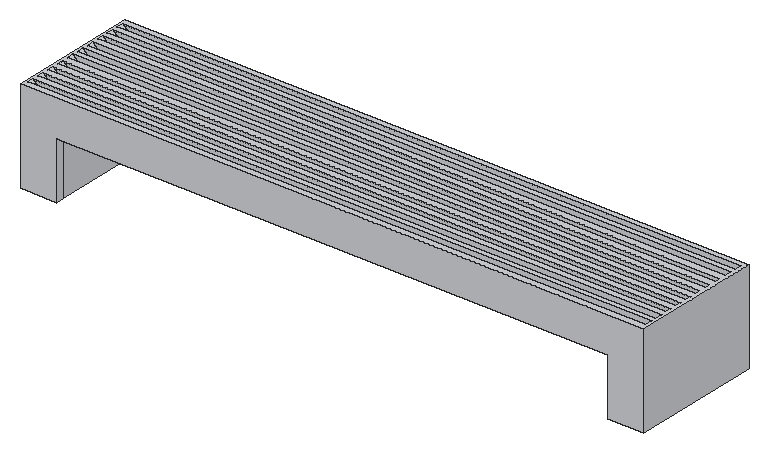
Revit family "SP11", category Mechanical Equipment, Revit 2017
Family settings
  Round Connector Dimension = Use Diameter
  Part Type = Normal
  OmniClass Number = 23.75.00.00
  OmniClass Title = Climate Control (HVAC)
  Work Plane-Based = No
  Always vertical = Yes
  Cut with Voids When Loaded = No
  Shared = No
  Room Calculation Point = No
Parameters
  Width = 251 mm
  Length = 1200 mm
  Leg height = 180 mm
  Height = 180 mm
Reference planes
  plane 1 "Center (Front/Back)": y = 0
  plane 2: z = 0
  plane 3 "Center (Left/Right)": x = 0
  plane 4: x = 0
  plane 5: x = -600
  plane 6: x = 600
  plane 7: x = -595
  plane 8: x = -580
  plane 9: x = 595
  plane 10: x = 580
  plane 11: x = 597
  plane 12: x = -597
  plane 13: z = 180
  plane 14: z = 165
  plane 15: z = 125
  plane 16: z = 110
  plane 17: y = -3
  plane 18: y = -251
  plane 19: y = -248
  plane 20: y = -233
  plane 21: y = -18
  plane 22: x = -530
  plane 23: x = 530
  plane 24: x = -533
  plane 25: x = 533
  plane 26 "Center": y = -125.5
Forms (mm)
  Extrusion 1, solid
    sketch origin (0, 0, 0) x (1, 0, 0) y (0, 0, 1)
      loop
        line (-600, 180) -> (-600, 110) -> (-595, 110) -> (-580, 125) -> (-580, 165) -> (-595, 180) -> (-600, 180)
      loop
        line (600, 180) -> (595, 180) -> (580, 165) -> (580, 125) -> (595, 110) -> (600, 110) -> (600, 180)
    from 0 to 251
  Extrusion 2, solid
    sketch origin (0, 0, 0) x (1, 0, 0) y (0, 1, 0)
      loop
        line (530, -18) -> (533, -18) -> (533, -3) -> (597, -3) -> (597, -248) -> (533, -248) -> (533, -233) -> (530, -233) -> (530, -251) -> (600, -251) -> (600, 0) -> (530, 0) -> (530, -18)
      loop
        line (-530, -18) -> (-530, 0) -> (-600, 0) -> (-600, -251) -> (-530, -251) -> (-530, -233) -> (-533, -233) -> (-533, -248) -> (-597, -248) -> (-597, -3) -> (-533, -3) -> (-533, -18) -> (-530, -18)
    from 0 to 110
  Extrusion 3, solid
    sketch origin (0, 0, 0) x (1, 0, 0) y (0, 1, 0)
      loop
        line (-595, 0) -> (-595, -11) -> (595, -11) -> (595, 0) -> (-595, 0)
    from 110 to 180
  Extrusion 4, solid
    sketch origin (0, -24, 0) x (1, 0, 0) y (0, 1, 0)
      loop
        line (-595, 0) -> (-595, -11) -> (595, -11) -> (595, 0) -> (-595, 0)
    from 110 to 180
  Extrusion 5, solid
    sketch origin (0, -48, 0) x (1, 0, 0) y (0, 1, 0)
      loop
        line (-595, 0) -> (-595, -11) -> (595, -11) -> (595, 0) -> (-595, 0)
    from 110 to 180
  Extrusion 6, solid
    sketch origin (0, -72, 0) x (1, 0, 0) y (0, 1, 0)
      loop
        line (-595, 0) -> (-595, -11) -> (595, -11) -> (595, 0) -> (-595, 0)
    from 110 to 180
  Extrusion 7, solid
    sketch origin (0, -96, 0) x (1, 0, 0) y (0, 1, 0)
      loop
        line (-595, 0) -> (-595, -11) -> (595, -11) -> (595, 0) -> (-595, 0)
    from 110 to 180
  Extrusion 8, solid
    sketch origin (0, -120, 0) x (1, 0, 0) y (0, 1, 0)
      loop
        line (-595, 0) -> (-595, -11) -> (595, -11) -> (595, 0) -> (-595, 0)
    from 110 to 180
  Extrusion 9, solid
    sketch origin (0, -144, 0) x (1, 0, 0) y (0, 1, 0)
      loop
        line (-595, 0) -> (-595, -11) -> (595, -11) -> (595, 0) -> (-595, 0)
    from 110 to 180
  Extrusion 10, solid
    sketch origin (0, -168, 0) x (1, 0, 0) y (0, 1, 0)
      loop
        line (-595, 0) -> (-595, -11) -> (595, -11) -> (595, 0) -> (-595, 0)
    from 110 to 180
  Extrusion 11, solid
    sketch origin (0, -192, 0) x (1, 0, 0) y (0, 1, 0)
      loop
        line (-595, 0) -> (-595, -11) -> (595, -11) -> (595, 0) -> (-595, 0)
    from 110 to 180
  Extrusion 12, solid
    sketch origin (0, -216, 0) x (1, 0, 0) y (0, 1, 0)
      loop
        line (-595, 0) -> (-595, -11) -> (595, -11) -> (595, 0) -> (-595, 0)
    from 110 to 180
  Extrusion 13, solid
    sketch origin (0, -240, 0) x (1, 0, 0) y (0, 1, 0)
      loop
        line (-595, 0) -> (-595, -11) -> (595, -11) -> (595, 0) -> (-595, 0)
    from 110 to 180
  Extrusion 14, solid
    sketch origin (0, 0, 0) x (1, 0, 0) y (0, 1, 0)
      loop
        circle (-553, -53.5) r 10.5
      loop
        circle (-553, -197.5) r 10.5
      loop
        circle (553, -53.5) r 10.5
      loop
        circle (553, -197.5) r 10.5
    from 95 to 110
  Extrusion 15, solid
    sketch origin (0, 0, 0) x (1, 0, 0) y (0, 1, 0)
      loop
        line (-533, -18) -> (-533, -233) -> (-530, -233) -> (-530, -18) -> (-533, -18)
      loop
        line (533, -18) -> (530, -18) -> (530, -233) -> (533, -233) -> (533, -18)
    from 0 to 110
Cuts and joins
  joined: Extrusion 1, Extrusion 2, Extrusion 3, Extrusion 4, Extrusion 5, Extrusion 6, Extrusion 7, Extrusion 8, Extrusion 9, Extrusion 10, Extrusion 11, Extrusion 12, Extrusion 13
Dimensions and locks
  equal spacing: plane 5, plane 4, plane 6
  "Length": plane 5 to plane 6
  locked: plane 7 to plane 8 at 15
  locked: plane 5 to plane 7 at 5
  locked: plane 9 to plane 10 at 15
  locked: plane 6 to plane 9 at 5
  locked: plane 11 to plane 6 at 3
  locked: plane 5 to plane 12 at 3
  "Height": plane 13 to level
  locked: plane 13 to plane 14 at 15
  locked: plane 13 to plane 16 at 70
  locked: plane 15 to plane 16 at 15
  "Width": plane 18 to plane 1 "Center (Front/Back)"
  locked: plane 23 to plane 6 at 70
  locked: plane 17 to plane 1 "Center (Front/Back)" at 3
  locked: plane 19 to plane 18 at 3
  locked: plane 21 to plane 1 "Center (Front/Back)" at 18
  locked: plane 20 to plane 18 at 18
  locked: plane 24 to plane 22 at 3
  locked: plane 23 to plane 25 at 3
  Extrusion 3 sketch curve to Extrusion 3 sketch curve = 11 mm
  Extrusion 4 sketch curve to Extrusion 4 sketch curve = 11 mm
  Extrusion 5 sketch curve to Extrusion 5 sketch curve = 11 mm
  Extrusion 6 sketch curve to Extrusion 6 sketch curve = 11 mm
  Extrusion 7 sketch curve to Extrusion 7 sketch curve = 11 mm
  Extrusion 8 sketch curve to Extrusion 8 sketch curve = 11 mm
  Extrusion 9 sketch curve to Extrusion 9 sketch curve = 11 mm
  Extrusion 10 sketch curve to Extrusion 10 sketch curve = 11 mm
  Extrusion 11 sketch curve to Extrusion 11 sketch curve = 11 mm
  Extrusion 12 sketch curve to Extrusion 12 sketch curve = 11 mm
  Extrusion 13 sketch curve to Extrusion 13 sketch curve = 11 mm
  locked: plane 5 to plane 22 at 70
  equal spacing: plane 18, plane 26 "Center", plane 1 "Center (Front/Back)"
  Extrusion 14 sketch curve to plane 1 "Center (Front/Back)" = 53.5 mm
  Extrusion 14 sketch curve to plane 18 = 53.5 mm
  locked: plane 5 to Extrusion 14 sketch curve at 47  (x2)
  locked: Extrusion 14 sketch curve to plane 1 "Center (Front/Back)" at 53.5
  locked: Extrusion 14 sketch curve to plane 18 at 53.5
  locked: Extrusion 14 sketch curve to plane 6 at 47  (x2)
  locked: plane 16 to Extrusion 14 at 15
  locked: Extrusion 3 to Extrusion 3 at 11
  locked: Extrusion 4 to Extrusion 3 at 13
  plane 21 to Extrusion 4 to Extrusion 4 = 6 mm locked, 11 mm locked
  locked: Extrusion 5 to Extrusion 4 at 13
  locked: Extrusion 5 to Extrusion 5 at 11
  locked: Extrusion 6 to Extrusion 5 at 13
  locked: Extrusion 6 to Extrusion 6 at 11
  locked: Extrusion 7 to Extrusion 6 at 13
  locked: Extrusion 7 to Extrusion 7 at 11
  locked: Extrusion 8 to Extrusion 7 at 13
  locked: Extrusion 8 to Extrusion 8 at 11
  locked: Extrusion 9 to Extrusion 8 at 13
  locked: Extrusion 9 to Extrusion 9 at 11
  locked: Extrusion 10 to Extrusion 9 at 13
  locked: Extrusion 10 to Extrusion 10 at 11
  locked: Extrusion 11 to Extrusion 10 at 13
  locked: Extrusion 11 to Extrusion 11 at 11
  locked: Extrusion 12 to Extrusion 11 at 13
  locked: Extrusion 12 to Extrusion 12 at 11
  locked: Extrusion 13 to Extrusion 12 at 13
  locked: Extrusion 13 to Extrusion 13 at 11
  aligned and locked: level to plane 2
  aligned and locked: plane 5 to Extrusion 1 sketch curve
  aligned and locked: Extrusion 1 sketch curve to plane 8
  aligned and locked: plane 16 to Extrusion 1 sketch curve
  aligned and locked: Extrusion 1 sketch curve to plane 13
  aligned and locked: Extrusion 1 sketch curve to plane 6
  aligned and locked: plane 13 to Extrusion 1 sketch curve
  aligned and locked: plane 10 to Extrusion 1 sketch curve
  aligned and locked: Extrusion 1 sketch curve to plane 16
  aligned and locked: plane 17 to Extrusion 2 sketch curve
  aligned and locked: Extrusion 2 sketch curve to plane 25  (x2)
  aligned and locked: plane 21 to Extrusion 2 sketch curve
  aligned and locked: plane 23 to Extrusion 2 sketch curve  (x2)
  aligned and locked: plane 1 "Center (Front/Back)" to Extrusion 2 sketch curve
  aligned and locked: plane 11 to Extrusion 2 sketch curve
  aligned and locked: plane 6 to Extrusion 2 sketch curve
  aligned and locked: Extrusion 2 sketch curve to plane 19
  aligned and locked: Extrusion 2 sketch curve to plane 20
  aligned and locked: plane 18 to Extrusion 2 sketch curve
  aligned and locked: plane 22 to Extrusion 2 sketch curve  (x2)
  aligned and locked: Extrusion 2 sketch curve to plane 24  (x2)
  aligned and locked: Extrusion 2 sketch curve to plane 21
  aligned and locked: Extrusion 2 sketch curve to plane 1 "Center (Front/Back)"
  aligned and locked: Extrusion 2 sketch curve to plane 17
  aligned and locked: plane 20 to Extrusion 2 sketch curve
  aligned and locked: Extrusion 2 sketch curve to plane 18
  aligned and locked: plane 19 to Extrusion 2 sketch curve
  aligned and locked: Extrusion 2 sketch curve to plane 12
  aligned and locked: Extrusion 2 sketch curve to plane 5
  aligned and locked: plane 16 to Extrusion 2
  aligned and locked: plane 13 to Extrusion 3
  aligned and locked: Extrusion 3 to plane 16
  aligned and locked: Extrusion 13 to plane 9
  aligned and locked: Extrusion 12 to plane 9
  aligned and locked: Extrusion 11 to plane 9
  aligned and locked: Extrusion 10 to plane 9
  aligned and locked: Extrusion 9 to plane 9
  aligned and locked: Extrusion 8 to plane 9
  aligned and locked: Extrusion 7 to plane 9
  aligned and locked: Extrusion 6 to plane 9
  aligned and locked: Extrusion 5 to plane 9
  aligned and locked: Extrusion 4 to plane 9
  aligned and locked: Extrusion 3 to plane 9
  aligned and locked: plane 16 to Extrusion 14
  aligned and locked: plane 13 to Extrusion 13
  aligned and locked: plane 13 to Extrusion 12
  aligned and locked: plane 13 to Extrusion 11
  aligned and locked: plane 13 to Extrusion 10
  aligned and locked: plane 13 to Extrusion 9
  aligned and locked: plane 13 to Extrusion 8
  aligned and locked: plane 13 to Extrusion 7
  aligned and locked: plane 13 to Extrusion 6
  aligned and locked: plane 13 to Extrusion 5
  aligned and locked: plane 13 to Extrusion 4
  aligned and locked: Extrusion 13 to plane 16
  aligned and locked: Extrusion 12 to plane 16
  aligned and locked: Extrusion 11 to plane 16
  aligned and locked: Extrusion 10 to plane 16
  aligned and locked: Extrusion 9 to plane 16
  aligned and locked: Extrusion 8 to plane 16
  aligned and locked: Extrusion 7 to plane 16
  aligned and locked: Extrusion 6 to plane 16
  aligned and locked: Extrusion 5 to plane 16
  aligned and locked: Extrusion 4 to plane 16
  aligned and locked: Extrusion 1 to plane 18
  aligned and locked: Extrusion 15 sketch curve to plane 21
  aligned and locked: plane 24 to Extrusion 15 sketch curve
  aligned and locked: Extrusion 15 sketch curve to plane 22
  aligned and locked: plane 20 to Extrusion 15 sketch curve
  aligned and locked: plane 21 to Extrusion 15 sketch curve
  aligned and locked: Extrusion 2 to Extrusion 15 sketch curve
  aligned and locked: plane 25 to Extrusion 15 sketch curve
  aligned and locked: Extrusion 15 sketch curve to plane 20
  aligned and locked: plane 16 to Extrusion 15
Automatic sketch dimensions
  Extrusion 1 sketch curve to plane 7 = 0 mm  (x2)
  plane 9 to Extrusion 1 sketch curve = 0 mm  (x2)
  Extrusion 1 sketch curve to plane 15 = 0 mm  (x2)
  Extrusion 1 sketch curve to plane 14 = 0 mm  (x2)
  Extrusion 3 sketch curve to Extrusion 3 sketch curve = 1190 mm
  Extrusion 4 sketch curve to Extrusion 4 sketch curve = 1190 mm
  Extrusion 5 sketch curve to Extrusion 5 sketch curve = 1190 mm
  Extrusion 6 sketch curve to Extrusion 6 sketch curve = 1190 mm
  Extrusion 7 sketch curve to Extrusion 7 sketch curve = 1190 mm
  Extrusion 8 sketch curve to Extrusion 8 sketch curve = 1190 mm
  Extrusion 9 sketch curve to Extrusion 9 sketch curve = 1190 mm
  Extrusion 10 sketch curve to Extrusion 10 sketch curve = 1190 mm
  Extrusion 11 sketch curve to Extrusion 11 sketch curve = 1190 mm
  Extrusion 12 sketch curve to Extrusion 12 sketch curve = 1190 mm
  Extrusion 13 sketch curve to Extrusion 13 sketch curve = 1190 mm
  plane 1 "Center (Front/Back)" to Extrusion 3 sketch curve = 0 mm
  Extrusion 3 sketch curve to plane 7 = 0 mm
  Extrusion 4 sketch curve to plane 7 = 0 mm
  Extrusion 4 sketch curve to plane 21 = 17 mm
  Extrusion 5 sketch curve to plane 7 = 0 mm
  Extrusion 5 sketch curve to plane 21 = 41 mm
  Extrusion 6 sketch curve to plane 7 = 0 mm
  Extrusion 6 sketch curve to plane 21 = 65 mm
  Extrusion 7 sketch curve to plane 7 = 0 mm
  Extrusion 7 sketch curve to plane 21 = 89 mm
  Extrusion 8 sketch curve to plane 7 = 0 mm
  Extrusion 8 sketch curve to plane 21 = 113 mm
  Extrusion 9 sketch curve to plane 7 = 0 mm
  Extrusion 9 sketch curve to plane 21 = 137 mm
  Extrusion 10 sketch curve to plane 7 = 0 mm
  plane 20 to Extrusion 10 sketch curve = 54 mm
  Extrusion 11 sketch curve to plane 7 = 0 mm
  plane 20 to Extrusion 11 sketch curve = 30 mm
  Extrusion 12 sketch curve to plane 7 = 0 mm
  plane 20 to Extrusion 12 sketch curve = 6 mm
  Extrusion 13 sketch curve to plane 7 = 0 mm
  Extrusion 13 sketch curve to plane 20 = 18 mm
  radius of Extrusion 14 sketch curve = 10.5 mm  (x4)
